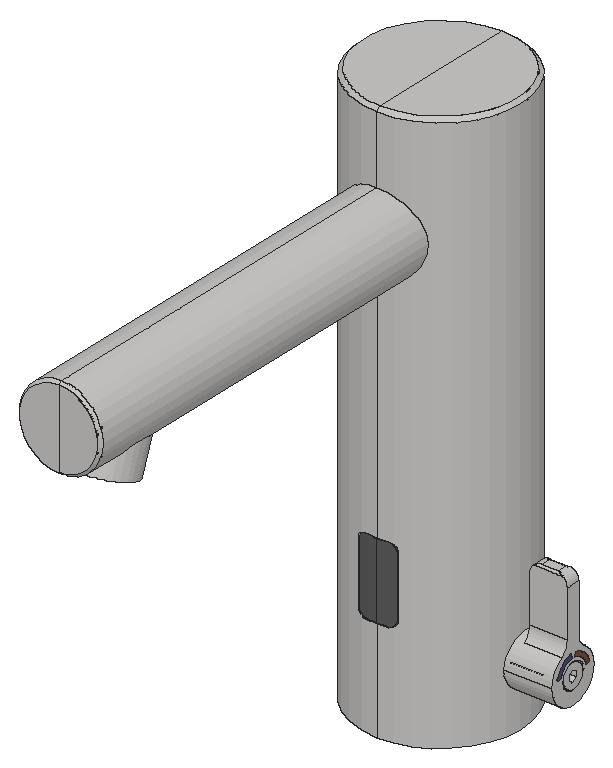
Revit family "PRD_AR_MxrTps_F7EElectronicPillarMixer_F7EM1001_F7EM1002", category Plumbing Fixtures, Revit 2023
Family settings
  Round Connector Dimension = Use Diameter
  Part Type = Normal
  OmniClass Number = 23.45.55.17
  OmniClass Title = Mixing Faucets
  Work Plane-Based = Yes
  Enable Cutting in Views = No
  Always vertical = Yes
  Cut with Voids When Loaded = No
  Maintain Annotation Orientation = No
  Shared = No
  Room Calculation Point = No
Parameters (values of type "F7EM1001")
  WorkingPressure = 0.0 Pa
  WithTransformer = "No"
  WithRosettesOrCoverPlate = "No"
  WithFilter = "Yes"
  WithBackflowPreventer = "Yes"
  WaterConnection = "Hose (gland nut)"
  WarrantyStartDate [instance] = "1900-12-31T23:59:59"
  WarrantyGuarantorParts = "n/a"
  WarrantyGuarantorLabor = "n/a"
  WarrantyDurationUnit = "n/a"
  WarrantyDurationParts = "n/a"
  WarrantyDurationLabor = "n/a"
  WarrantyDescription = "n/a"
  Voltage = 12 V
  Version = "1"
  ValvePattern = "STRAIGHT_3_PORT"
  ValveOperation = "SOLENOID"
  ValveMechanism = "OTHER"
  Uniclass2015Version = "Products v1.36"
  Uniclass2015Title = "Mixer taps"
  Uniclass2015Code = "Pr_40_20_87_55"
  URL = "www.kwc-professional.com"
  TypeOfTap = "Pillar Tap"
  TypeOfSensor = "Opto-electronic sensor"
  TypeOfPowerSupply = "Other"
  TypeOfOperation = "Sensor Operation"
  TypeOfMounting = "Tap Hole"
  TypeOfMixing = "Yes"
  Type IFC Predefined Type = "FAUCET"
  ThermalDisinfection = "No"
  TestPressure = 0.0 Pa
  TemperatureLimit = "Yes"
  TagNumber [instance] = "n/a"
  SustainabilityPerformance = "n/a"
  SurfaceTreatmentFitting = "Brushed"
  SurfaceFinishFitting = "Brushed"
  Status = "New"
  Spout = "Fixed"
  SoundInsulation = "No"
  Size = "15"
  Shape = "Pillar tap"
  SerialNumber [instance] = "n/a"
  Revision = "n/a"
  ReplacementCost = "n/a"
  Reference = "n/a"
  ProtectiveShutdown = "Yes"
  ProductInformation = "http://pim.kwc.com/product/3600001257/attachment/datasheet?locale=en"
  PowerSupplyConnection = "6,75 / 12 V DC / A3000 open"
  PowerFactor [instance] = 1
  PositionOfPowerConnection = "From Bottom"
  PopUpWasteSet = "No"
  Parameterization = "Remote Control"
  NumberOfPoles [instance] = Poles / 1  # 1
  Poles [instance] = 1
  NominalWidth = 0 mm
  NominalHeight = 165 mm
  NominalDepth = 0 mm
  Name = "F7E Electronic pillar mixer F7EM1001"
  NBSTypeID = "n/a"
  NBSReference = "45-35-70/345"
  NBSOfficeMasterTag = "n/a"
  NBSNote = "n/a"
  NBSDescription = "Taps and water supply fittings for sinks"
  NBSCertification = "n/a"
  ModelReference = "F7EM1001"
  ModelNumber = "3600001257"
  Model = ModelReference  # "F7EM1001"
  MinimumFlowPressure = "1 bar"
  MaterialFitting = "Stainless Steel"
  Material = "stainless steel"
  ManufacturerURL = "www.kwc-professional.com"
  ManufacturerName = "KWC Group Management AG"
  Manufacturer = ManufacturerName  # "KWC Group Management AG"
  LockingMechanism = "Top section, non-ceramic"
  InstallationDate [instance] = "1900-12-31T23:59:59"
  InletSize = "G 3/8"
  IfcExportType = "FAUCET"
  IfcExportAs = "IfcValveType"
  HygieneFlushing = "Yes"
  Grade = "n/a"
  FunctionalPrinciple = "electronic self-closing"
  FlowHotWater = 0.0 L/s
  FlowColdWater = 0.0 L/s
  FlowCoefficient = 0
  Finish = "brushed surface"
  Features = "For connection to hot and cold water via hoses with integrated backflow preventers and strainers. Control electronics, solenoid valve and sensor in stainless steel housing, brushed surface, outlet height 115 mm and projection 125 mm."
  FaucetType = "PILLAR"
  FaucetTopDescription = "opto-electronically controlled"
  FaucetOperation = "SELFCLOSING"
  FaucetFunction = "MIXED"
  F7EM1002 = no
  F7EM1001 = yes
  Export Type to IFC As = "IfcValveType"
  ExpectedLife = "n/a"
  DurationUnit = "n/a"
  DiameterNominal = "DN15"
  Description = "F7E-Mix pillar mixer DN 15 for sanitary facilities, opto-electronically controlled. For connection to hot and cold water via hoses with integrated backflow preventers and strainers. Control electronics, solenoid valve and sensor in stainless steel housing, brushed surface, outlet height 115 mm and projection 125 mm. Stainless steel temperature lever with adjustable, turn-proof temperature stop. Angle-adjustable and anti-theft aerator with integrated flow regulator 5.7 l/min. Activated water hygiene flushing 24 hours after last activation, safety switch-off with continuous reflection and saving of statistical data. With option for parameterization and communication via optional bidirectional remote control or C module with the necessary app. Optionally for battery operation with battery compartment including 6 V lithium battery (CR-P2) per fitting, for installation below the washbasin, or for separate power supply via power supply unit 6.75 V/12 V DC or AQUA 3000 open system accessories.\r\n\r\nBattery compartment including battery or power supply unit with extension cable must be ordered separately."
  Depressurised = "No"
  DefaultAutomaticHygieneFlush = "24h after the last activity"
  Default Elevation = 1219.2 mm
  CreateOn = "04/2025"  # constant formula
  Constituents = "n/a"
  CompatibleA3000Open = "Yes"
  Color = "stainless steel-look"
  CodePerformance = "n/a"
  CloseOffRating = 0.0 Pa
  Category = "Pr_40_20_87_55, Mixer taps"
  BodyMaterial = PRD_AR_StainlessSteel_Brushed
  BasicColour = "Stainless steel-look"
  BarCode [instance] = "n/a"
  BIMObjectName = "PRD_AR_MixerTaps_F7EElectronicPillarMixer_F7EM1001"
  Author = "Archispace"
  AssetType = "Fixed"
  AssetIdentifier [instance] = "n/a"
  ApparentLoad [instance] = 0 VA
  AccessibilityPerformance = "n/a"
  AccentColour = "None"
Types (2, lengths in mm): name | ProductInformation | NominalHeight | Name | ModelReference | ModelNumber | Model | Features | F7EM1002 | F7EM1001 | Description | BIMObjectName
  F7EM1001 | "http://pim.kwc.com/product/3600001257/attachment/datasheet?locale=en" | 165 | "F7E Electronic pillar mixer F7EM1001" | "F7EM1001" | "3600001257" | "F7EM1001" | "For connection to hot and cold water via hoses with integrated backflow preventers and strainers. Control electronics, solenoid valve and sensor in stainless steel housing, brushed surface, outlet height 115 mm and projection 125 mm." | no | yes | "F7E-Mix pillar mixer DN 15 for sanitary facilities, opto-electronically controlled. For connection to hot and cold water via hoses with integrated backflow preventers and strainers. Control electronics, solenoid valve and sensor in stainless steel housing, brushed surface, outlet height 115 mm and projection 125 mm. Stainless steel temperature lever with adjustable, turn-proof temperature stop. Angle-adjustable and anti-theft aerator with integrated flow regulator 5.7 l/min. Activated water hygiene flushing 24 hours after last activation, safety switch-off with continuous reflection and saving of statistical data. With option for parameterization and communication via optional bidirectional remote control or C module with the necessary app. Optionally for battery operation with battery compartment including 6 V lithium battery (CR-P2) per fitting, for installation below the washbasin, or for separate power supply via power supply unit 6.75 V/12 V DC or AQUA 3000 open system accessories.\r\n\r\nBattery compartment including battery or power supply unit with extension cable must be ordered separately." | "PRD_AR_MixerTaps_F7EElectronicPillarMixer_F7EM1001"
  F7EM1002 | "http://pim.kwc.com/product/3600001259/attachment/datasheet?locale=en" | 295 | "F7E Electronic pillar mixer F7EM1002" | "F7EM1002" | "3600001259" | "F7EM1002" | "For connection to hot and cold water via hoses with integrated backflow preventers and strainers. Control electronics, solenoid valve and sensor in stainless steel housing, brushed surface, outlet height 245 mm and projection 180 mm." | yes | no | "F7E-Mix pillar mixer DN 15 for sanitary facilities, opto-electronically controlled. For connection to hot and cold water via hoses with integrated backflow preventers and strainers. Control electronics, solenoid valve and sensor in stainless steel housing, brushed surface, outlet height 245 mm and projection 180 mm. Stainless steel temperature lever with adjustable, turn-proof temperature stop. Angle-adjustable and anti-theft aerator with integrated flow regulator 5.7 l/min. Activated water hygiene flushing 24 hours after last activation, safety switch-off with continuous reflection and saving of statistical data. With option for parameterization and communication via optional bidirectional remote control or C module with the necessary app. Optionally for battery operation with battery compartment including 6 V lithium battery (CR-P2) per fitting, for installation below the washbasin, or for separate power supply via power supply unit 6.75 V/12 V DC or AQUA 3000 open system accessories.\n\nBattery compartment including battery or power supply unit with extension cable must be ordered separately." | "PRD_AR_MixerTaps_F7EElectronicPillarMixer_F7EM1002"
Reference planes
  plane 1 "Center (Front/Back)": y = 0
  plane 2: z = 0
  plane 3 "Center (Left/Right)": x = 0
  plane 4: z = 165
  plane 5: z = 115
  plane 6: z = 163.856
  plane 7: z = 131.849
  plane 8: z = 144.349
  plane 9: z = 52.365
  plane 10: z = 17.896
  plane 11: z = 45.045
Forms (mm)
  Extrusion 1, solid, not visible, detail levels coarse
    sketch origin (0, 0, 0) x (1, 0, 0) y (0, 1, 0)
      loop
        circle (-9.078, 0) r 1.829
      loop
        circle (9.078, 0) r 1.829
      loop
        circle (0.224, -14.961) r 1.829
    from 0 to 3.145
Dimensions and locks
  plane 5 to level = 115 mm
  locked: plane 4 to plane 6 at 1.144
  plane 4 to level = 165 mm
  locked: plane 8 to plane 7 at 12.5
  locked: plane 7 to plane 5 at 16.849
  locked: plane 11 to plane 10 at 27.149
  locked: plane 11 to plane 9 at 7.32
  locked: plane 9 to plane 7 at 79.485
  aligned and locked: level to plane 2
  aligned and locked: level to nested 1
Nested families
  nested 1: "PillarMixer" at (0, 0, 0), NumberOfPoles <- "NumberOfPoles", F7EM1001 <- "F7EM1001", F7EM1002 <- "F7EM1002", type "PillarMixer"
    with NumberOfPoles 1, Height Bottom to Water 115 mm, Height 165 mm, F7EM1002 no, F7EM1001 yes, Depth Center to Water 125 mm
Connectors
  piping at (-9.078, 0, 0), diameter 15, driven by "InletSize", driven by "FlowHotWater"
    settings: on Extrusion 1, index 1, connector inside diameter 609.6 mm, connector length 0 mm, flow factor 0, pipe flow 0.0 L/s, pressure drop 0.0 Pa, fitting loss kfactor 0, connector angle 0.00°, fixture units 0, engagement length 0 mm, angle of deflection 0.00°, flow configuration 0, flow direction 1, fitting loss method 0, system type 19, joint type 0, gender type 0, connector reference index -1, connector utility 0, adjustable connector no, is connector primary yes, connector description "G 3/8"
  piping at (9.078, 0, 0), diameter 15, driven by "FlowColdWater", driven by "InletSize"
    settings: on Extrusion 1, index 2, connector inside diameter 609.6 mm, connector length 0 mm, flow factor 0, pipe flow 0.0 L/s, pressure drop 0.0 Pa, fitting loss kfactor 0, connector angle 0.00°, fixture units 0, engagement length 0 mm, angle of deflection 0.00°, flow configuration 0, flow direction 1, fitting loss method 0, system type 20, joint type 0, gender type 0, connector reference index -1, connector utility 0, adjustable connector no, is connector primary no, connector description "G 3/8"
  electrical at (0.224, -14.961, 0), driven by "Voltage", driven by "ApparentLoad", driven by "PowerFactor", driven by "Poles"
    settings: on Extrusion 1, index 3, voltage 12 V, apparent load 0 VA, apparent load phase1 0 VA, apparent load phase2 0 VA, apparent load phase3 0 VA, power factor 1, load classification "Power", number of poles 1, system type 30, power factor state 1, is connector primary yes, connector utility no, sub classification motor no, connector description "Power"
Definition of nested family "PillarMixer"
  Parameters (values of type "F7EM1002")
    URL = ""
    Type IFC Predefined Type = "FAUCET"
    NumberOfPoles [instance] = 1
    Model = ""
    Material = none
    Manufacturer = ""
    Height Bottom to Water [instance] = if(F7EM1001, 115 mm, 245 mm)  # 115 mm
    Height [instance] = if(F7EM1001, 165 mm, 295 mm)  # 165 mm
    F7EM1002 [instance] = yes
    F7EM1001 [instance] = yes
    Export Type to IFC As = "IfcValveType"
    Description = ""
    Depth Center to Water [instance] = if(F7EM1001, 125 mm, 180 mm)  # 125 mm
    Default Elevation = 1219.2 mm
  Types (2, lengths in mm): name | Height Bottom to Water | Height | F7EM1001 | Depth Center to Water
    F7EM1001 | 245 | 295 | no | 180
    F7EM1002 | 115 | 165 | yes | 125
  Reference planes
    plane 1 "Center (Front/Back)": y = 0
    plane 2: z = 0
    plane 3 "Center (Left/Right)": x = 0
    plane 4: z = 165
    plane 5: y = -139.625
    plane 6: z = 115
    plane 7: y = -125
    plane 8: z = 163.856
    plane 9: y = 23.5
    plane 10: z = 131.849
    plane 11: z = 144.349
    plane 12: y = -138.651
    plane 13: z = 52.365
    plane 14: z = 17.896
    plane 15: z = 45.045
  Forms (mm)
    Revolve 1, solid, material <- "Material", detail levels fine
      sketch origin (0, 0, 0) x (0, 1, 0) y (0, 0, 1)
        loop
          line (0, 165) -> (0, 0) -> (23.5, 0) -> (23.5, 163.856) -> (22.356, 165) -> (0, 165)
        axis (0, 165) -> (0, 0)
      angle from 0 to 360
    Revolve 2, solid, material <- "Material", detail levels fine
      sketch origin (0, 0, 0) x (0, 1, 0) y (0, 0, 1)
        loop
          line (-17.915, 131.849) -> (-17.915, 144.088) -> (-138.651, 144.088) -> (-139.625, 143.311) -> (-139.625, 131.849) -> (-17.915, 131.849)
        axis (-17.915, 131.849) -> (-139.625, 131.849)
      angle from 0 to 360
    Sweep 3, solid, material <- "Material", detail levels fine
      path origin (0, 0, 0) x (0, 1, 0) y (0, 0, 1)
        loop
          line (-125, 115) -> (-119.309, 130.636)
      profile origin (0, -122.155, 122.818) x (0, -0.939693, 0.34202) y (1, 0, 0)
        loop
          circle (0, 0) r 10
    Extrusion 4, solid, detail levels fine
      sketch origin (0, 0, 0) x (1, 0, 0) y (0, 0, 1)
        loop
          line (3.137, 52.165) -> (-3.174, 52.165)
          arc (-3.174, 52.165) -> (-4.942, 51.433) -> (-5.674, 49.665) r 2.5
          line (-5.674, 49.665) -> (-5.674, 32.539)
          arc (-5.674, 32.539) -> (-4.942, 30.771) -> (-3.174, 30.039) r 2.5
          line (-3.174, 30.039) -> (3.137, 30.039)
          arc (3.137, 30.039) -> (4.905, 30.771) -> (5.637, 32.539) r 2.5
          line (5.637, 32.539) -> (5.637, 49.665)
          arc (5.637, 49.665) -> (4.905, 51.433) -> (3.137, 52.165) r 2.5
      from 21.605 to 24.568
    Extrusion 5, void
      sketch origin (0, 0, 0) x (1, 0, 0) y (0, 0, 1)
        loop
          line (-5.874, 49.865) -> (-5.874, 32.339)
          arc (-5.874, 32.339) -> (-5.142, 30.571) -> (-3.374, 29.839) r 2.5
          line (-3.374, 29.839) -> (3.337, 29.839)
          arc (3.337, 29.839) -> (5.105, 30.571) -> (5.837, 32.339) r 2.5
          line (5.837, 32.339) -> (5.837, 49.865)
          arc (5.837, 49.865) -> (5.105, 51.632) -> (3.337, 52.365) r 2.5
          line (3.337, 52.365) -> (-3.374, 52.365)
          arc (-3.374, 52.365) -> (-5.142, 51.632) -> (-5.874, 49.865) r 2.5
      from 21.605 to 26.722
    Extrusion 6, void
      sketch origin (0, 0, 0) x (1, 0, 0) y (0, 1, 0)
        loop
          arc (0, -23.5) -> (-6.487, -22.587) -> (-12.469, -19.919) r 23.5
          line (-12.469, -19.919) -> (-12.469, -25.935) -> (13.133, -25.935) -> (13.133, -19.488)
          arc (13.133, -19.488) -> (6.866, -22.475) -> (0, -23.5) r 23.5
      from 22.565 to 272.724
    Extrusion 7, void
      sketch origin (0, 0, 0) x (1, 0, 0) y (0, 0, 1)
        loop
          line (37.1, 23.493) -> (39.476, 23.493) -> (39.476, 46.808) -> (24.476, 46.808) -> (24.476, 23.967) -> (26.1, 23.967) -> (26.1, 42.05)
          arc (26.1, 42.05) -> (26.979, 44.171) -> (29.1, 45.05) r 3
          line (29.1, 45.05) -> (34.1, 45.05)
          arc (34.1, 45.05) -> (36.221, 44.171) -> (37.1, 42.05) r 3
          line (37.1, 42.05) -> (37.1, 23.493)
      from -9.378 to 6.495
    Revolve 8, solid, detail levels medium
      sketch origin (0, 0, 0) x (0, 1, 0) y (0, 0, 1)
        loop
          line (0, 165) -> (0, 0) -> (23.5, 0) -> (23.5, 165) -> (0, 165)
        axis (0, 165) -> (0, 0)
      angle from 0 to 360
    Revolve 9, solid, detail levels medium
      sketch origin (0, 0, 0) x (0, 1, 0) y (0, 0, 1)
        loop
          line (-17.915, 131.849) -> (-17.915, 144.088) -> (-139.625, 144.088) -> (-139.625, 131.849) -> (-17.915, 131.849)
        axis (-17.915, 131.849) -> (-139.625, 131.849)
      angle from 0 to 360
    Sweep 10, solid, detail levels medium
      path origin (0, 0, 0) x (0, 1, 0) y (0, 0, 1)
        loop
          line (-125, 115) -> (-119.309, 130.636)
      profile origin (0, -122.155, 122.818) x (0, -0.939693, 0.34202) y (1, 0, 0)
        loop
          circle (0, 0) r 10
    Extrusion 11, solid, detail levels coarse
      sketch origin (0, 0, 0) x (1, 0, 0) y (0, 1, 0)
        loop
          line (-23.5, 23.5) -> (-23.5, -139.625) -> (37.1, -139.625) -> (37.1, 23.5) -> (-23.5, 23.5)
      from 0 to 165
    Extrusion 12, solid, detail levels coarse
      sketch origin (0, 0, 0) x (1, 0, 0) y (0, 1, 0)
        loop
          circle (-9.078, 0) r 1.829
        loop
          circle (9.078, 0) r 1.829
        loop
          circle (0.224, -14.961) r 1.829
      from 0 to 4.66
    Sweep 13, solid, material <- "Material", detail levels fine
      path origin (4267.2, -5.692, 17.896) x (0, -1, 0) y (1, 0, 0)
        loop
          line (-5.692, -4247.381) -> (-5.692, -4230.1)
      profile origin (28.459, 0, 17.896) x (0, 1, 0) y (0, 0, 1)
        loop
          circle (1.854, 0.081) r 3.85
        loop
          circle (1.854, 0.081) r 3.404
        loop
          line (1.875, 1.836) -> (0.375, 0.97) -> (0.375, -0.762) -> (1.875, -1.628) -> (3.375, -0.762) -> (3.375, 0.97) -> (1.875, 1.836)
        loop
          line (1.373, 4.878) -> (1.248, 6.071)
          arc (1.248, 6.071) -> (-1.977, 4.746) -> (-3.83, 1.793) r 5.71
          arc (-3.83, 1.793) -> (-3.426, 1.086) -> (-2.705, 1.465) r 0.586
          arc (-2.705, 1.465) -> (-1.153, 3.753) -> (1.373, 4.878) r 5.04
        loop
          arc (2.491, 4.878) -> (5.017, 3.753) -> (6.57, 1.465) r 5.04
          arc (6.57, 1.465) -> (7.29, 1.086) -> (7.694, 1.793) r 0.586
          arc (7.694, 1.793) -> (5.841, 4.746) -> (2.616, 6.071) r 5.71
          line (2.616, 6.071) -> (2.491, 4.878)
        loop
          circle (1.886, 0) r 7.578
    Sweep 14, solid, material <- "Material", detail levels fine
      path origin (4267.2, -5.692, 17.896) x (0, -1, 0) y (1, 0, 0)
        loop
          line (-5.692, -4241.1) -> (-5.692, -4230.1)
      profile origin (31.6, 0, 17.896) x (0, 1, 0) y (0, 0, 1)
        loop
          line (3.875, 10.4) -> (3.875, 26.634)
          arc (3.875, 26.634) -> (3.722, 27.002) -> (3.354, 27.154) r 0.521
          line (3.354, 27.154) -> (0.42, 27.154)
          arc (0.42, 27.154) -> (0.035, 26.995) -> (-0.125, 26.609) r 0.545
          line (-0.125, 26.609) -> (-0.125, 10.4)
          arc (-0.125, 10.4) -> (-0.591, 8.285) -> (-1.904, 6.562) r 5.03
          line (-1.904, 6.562) -> (5.676, 6.562)
          arc (5.676, 6.562) -> (4.348, 8.281) -> (3.875, 10.4) r 4.99
    Sweep 15, solid, detail levels fine
      path origin (4267.2, -5.692, 17.896) x (0, -1, 0) y (1, 0, 0)
        loop
          line (-5.692, -4243.7) -> (-5.692, -4230.1)
      profile origin (30.3, 0, 17.896) x (0, 1, 0) y (0, 0, 1)
        loop
          spline (-2.705, 1.466) -> (-2.539, 1.902) -> (-2.333, 2.321) -> (-2.09, 2.719) -> (-1.81, 3.093) -> (-1.497, 3.439) -> (-1.154, 3.755) -> (-0.782, 4.037) -> (-0.386, 4.284) -> (0.031, 4.494) -> (0.466, 4.663) -> (0.914, 4.792) -> (1.373, 4.879)
          line (1.373, 4.879) -> (1.248, 6.074)
          spline (1.248, 6.074) -> (0.658, 5.992) -> (0.08, 5.849) -> (-0.481, 5.648) -> (-1.018, 5.389) -> (-1.525, 5.077) -> (-1.998, 4.715) -> (-2.43, 4.306) -> (-2.817, 3.855) -> (-3.156, 3.367) -> (-3.441, 2.847) -> (-3.671, 2.301) -> (-3.842, 1.734)
          spline (-3.842, 1.734) -> (-3.844, 1.589) -> (-3.811, 1.447) -> (-3.744, 1.318) -> (-3.649, 1.209) -> (-3.529, 1.127) -> (-3.394, 1.077) -> (-3.251, 1.061) -> (-3.108, 1.082) -> (-2.975, 1.136) -> (-2.858, 1.223) -> (-2.767, 1.335) -> (-2.705, 1.466)
    Sweep 16, solid, detail levels fine
      path origin (4267.2, -5.692, 17.896) x (0, -1, 0) y (1, 0, 0)
        loop
          line (-5.692, -4243.7) -> (-5.692, -4230.1)
      profile origin (30.3, 0, 17.896) x (0, 1, 0) y (0, 0, 1)
        loop
          arc (2.491, 4.878) -> (5.017, 3.753) -> (6.57, 1.465) r 5.04
          arc (6.57, 1.465) -> (7.29, 1.086) -> (7.694, 1.793) r 0.586
          arc (7.694, 1.793) -> (5.841, 4.746) -> (2.616, 6.071) r 5.71
          line (2.616, 6.071) -> (2.491, 4.878)
  Cuts and joins
    Extrusion 6 cuts Extrusion 4
    joined: Revolve 8, Revolve 9, Sweep 10
    Extrusion 5 cuts Revolve 1
    Extrusion 7 cuts Sweep 14
    joined: Revolve 1, Revolve 2, Sweep 3, Sweep 13, Sweep 14
  Dimensions and locks
    "Height Bottom to Water": plane 6 to level
    "Depth Center to Water": plane 1 "Center (Front/Back)" to plane 7
    locked: plane 4 to plane 8 at 1.144
    locked: plane 9 to plane 1 "Center (Front/Back)" at 23.5
    locked: plane 9 to Revolve 1 sketch curve at 1.144
    "Height": plane 4 to level
    locked: plane 11 to plane 10 at 12.5
    locked: plane 12 to plane 5 at 0.974
    locked: plane 11 to Revolve 2 sketch curve at 1.038
    locked: plane 7 to plane 5 at 14.625
    locked: plane 10 to plane 6 at 16.849
    locked: Extrusion 7 sketch curve to plane 15 at 1.763
    locked: plane 15 to Extrusion 7 sketch curve at 21.078
    locked: plane 15 to Extrusion 7 sketch curve at 21.552
    locked: plane 15 to plane 14 at 27.149
    locked: plane 15 to plane 13 at 7.32
    locked: plane 13 to plane 10 at 79.485
    aligned and locked: level to plane 2
    aligned and locked: Revolve 1 sketch curve to plane 9
    aligned and locked: Revolve 1 sketch curve to plane 4
    aligned and locked: plane 8 to Revolve 1 sketch curve
    aligned and locked: Revolve 1 sketch curve to plane 1 "Center (Front/Back)"
    aligned and locked: plane 12 to Revolve 2 sketch curve
    aligned and locked: Revolve 2 sketch curve to plane 5
    aligned and locked: Revolve 2 sketch curve to plane 10
    aligned and locked: Revolve 2 sketch curve to Revolve 2 sketch curve
    aligned and locked: plane 6 to Sweep 3 sketch curve
    aligned and locked: plane 7 to Sweep 3 sketch curve
    aligned and locked: Revolve 9 sketch curve to Revolve 9 sketch curve
    aligned and locked: Extrusion 11 sketch curve to plane 5
    aligned and locked: Extrusion 11 sketch curve to plane 9
    aligned and locked: plane 4 to Extrusion 11
    aligned and locked: cut or joined group of Revolve 1, Revolve 2, Sweep 3, Extrusion 5, Extrusion 7, Sweep 13, Sweep 14 to plane 13
  Automatic sketch dimensions
    Revolve 1 sketch curve to plane 1 "Center (Front/Back)" = 0 mm
    Revolve 1 sketch curve to level = 0 mm
    plane 8 to Revolve 1 sketch curve = 8.071 mm
    plane 4 to Revolve 1 sketch curve = 5.785 mm
    Revolve 2 sketch curve to plane 11 = 0.262 mm
    plane 1 "Center (Front/Back)" to Revolve 2 sketch curve = 17.915 mm
    Revolve 2 sketch curve to plane 5 = 11.07 mm
    Revolve 2 sketch curve to plane 7 = 49.305 mm
    Sweep 3 sketch curve to plane 10 = 1.214 mm
    Sweep 3 sketch curve to plane 7 = 5.691 mm
    Sweep 3 sketch curve to plane 3 "Center (Left/Right)" = 0 mm
    Sweep 3 sketch curve to profile plane = 0 mm
    Extrusion 6 sketch curve to Extrusion 6 sketch curve = 0 mm  (x2)
    Extrusion 6 sketch curve to plane 3 "Center (Left/Right)" = 0 mm
    plane 1 "Center (Front/Back)" to Extrusion 6 sketch curve = 0 mm
    Extrusion 6 sketch curve to plane 3 "Center (Left/Right)" = 12.469 mm
    plane 3 "Center (Left/Right)" to Extrusion 6 sketch curve = 13.133 mm
    plane 1 "Center (Front/Back)" to Extrusion 6 sketch curve = 19.488 mm
    Extrusion 6 sketch curve to Extrusion 6 sketch curve = 6.447 mm
    plane 3 "Center (Left/Right)" to Extrusion 7 sketch curve = 24.476 mm
    Extrusion 7 sketch curve to Extrusion 7 sketch curve = 1.624 mm
    Extrusion 7 sketch curve to Extrusion 7 sketch curve = 3 mm
    Extrusion 7 sketch curve to Extrusion 7 sketch curve = 5 mm
    Extrusion 7 sketch curve to Extrusion 7 sketch curve = 11 mm
    Extrusion 7 sketch curve to Extrusion 7 sketch curve = 2.376 mm
    Extrusion 7 sketch curve to Extrusion 7 sketch curve = 1.758 mm
    Revolve 8 sketch curve to plane 1 "Center (Front/Back)" = 0 mm  (x2)
    Revolve 8 sketch curve to level = 0 mm
    Revolve 8 sketch curve to plane 9 = 0 mm
    plane 8 to Revolve 8 sketch curve = 8.071 mm
    plane 4 to Revolve 8 sketch curve = 5.785 mm
    Revolve 9 sketch curve to plane 10 = 0 mm
    Revolve 9 sketch curve to plane 11 = 0.262 mm
    plane 1 "Center (Front/Back)" to Revolve 9 sketch curve = 17.915 mm
    Revolve 9 sketch curve to plane 5 = 11.07 mm
    Revolve 9 sketch curve to plane 7 = 49.305 mm
    Sweep 10 sketch curve to plane 6 = 0 mm
    Sweep 10 sketch curve to plane 7 = 0 mm
    Sweep 10 sketch curve to plane 10 = 1.214 mm
    Sweep 10 sketch curve to plane 7 = 5.691 mm
    Sweep 10 sketch curve to plane 3 "Center (Left/Right)" = 0 mm
    Sweep 10 sketch curve to profile plane = 0 mm
    Revolve 8 sketch curve to plane 4 = 0 mm
    plane 12 to Revolve 9 sketch curve = 0.974 mm
    Extrusion 11 sketch curve to plane 3 "Center (Left/Right)" = 23.5 mm
    plane 3 "Center (Left/Right)" to Extrusion 11 sketch curve = 37.1 mm
    plane 1 "Center (Front/Back)" to Extrusion 12 sketch curve = 0 mm  (x2)
    Extrusion 12 sketch curve to plane 3 "Center (Left/Right)" = 9.078 mm
    plane 3 "Center (Left/Right)" to Extrusion 12 sketch curve = 0.224 mm
    plane 3 "Center (Left/Right)" to Extrusion 12 sketch curve = 9.078 mm
    plane 1 "Center (Front/Back)" to Extrusion 12 sketch curve = 14.961 mm
    Sweep 13 sketch curve to Sweep 13 sketch curve = 0 mm  (x5)
    Sweep 13 sketch curve to plane 14 = 0 mm
    profile plane to Sweep 13 sketch curve = 3.262 mm
    Sweep 13 sketch curve to profile plane = 0.375 mm
    Sweep 13 sketch curve to profile plane = 1.248 mm
    Sweep 13 sketch curve to Sweep 13 sketch curve = 0.125 mm  (x2)
    plane 14 to Sweep 13 sketch curve = 0.379 mm  (x2)
    Sweep 13 sketch curve to Sweep 13 sketch curve = 1.328 mm
    Sweep 13 sketch curve to plane 14 = 0.112 mm  (x2)
    Sweep 13 sketch curve to Sweep 13 sketch curve = 0.08 mm
    plane 14 to Sweep 13 sketch curve = 0.081 mm
    Sweep 13 sketch curve to Sweep 13 sketch curve = 0.071 mm
    Sweep 13 sketch curve to Sweep 13 sketch curve = 0.092 mm
    Sweep 13 sketch curve to Sweep 13 sketch curve = 0.172 mm
    Sweep 13 sketch curve to Sweep 13 sketch curve = 0.032 mm
    Sweep 13 sketch curve to Sweep 13 sketch curve = 0.196 mm
    Sweep 13 sketch curve to Sweep 13 sketch curve = 0.307 mm
    Sweep 13 sketch curve to Sweep 13 sketch curve = 1.118 mm
    Sweep 13 sketch curve to plane 14 = 0.762 mm  (x2)
    Sweep 13 sketch curve to Sweep 13 sketch curve = 1.293 mm
    plane 14 to Sweep 13 sketch curve = 1.648 mm  (x2)
    Sweep 13 sketch curve to Sweep 13 sketch curve = 3.751 mm
    Sweep 13 sketch curve to Sweep 13 sketch curve = 1.516 mm
    plane 14 to Sweep 13 sketch curve = 0.97 mm  (x2)
    Sweep 13 sketch curve to Sweep 13 sketch curve = 1.457 mm
    Sweep 13 sketch curve to Sweep 13 sketch curve = 3.042 mm
    Sweep 13 sketch curve to Sweep 13 sketch curve = 1.193 mm  (x2)
    plane 1 "Center (Front/Back)" to Sweep 14 sketch curve = 0 mm
    plane 3 "Center (Left/Right)" to Sweep 14 sketch curve = 26.1 mm
    Sweep 14 sketch curve to Sweep 14 sketch curve = 11 mm
    profile plane to Sweep 14 sketch curve = 5.155 mm
    profile plane to Sweep 14 sketch curve = 1.904 mm
    profile plane to Sweep 14 sketch curve = 0.125 mm
    Sweep 14 sketch curve to profile plane = 0.42 mm
    Sweep 14 sketch curve to Sweep 14 sketch curve = 2.934 mm
    Sweep 14 sketch curve to profile plane = 3.875 mm
    Sweep 14 sketch curve to Sweep 14 sketch curve = 1.801 mm
    Sweep 14 sketch curve to Sweep 14 sketch curve = 4.99 mm
    plane 14 to Sweep 14 sketch curve = 6.562 mm
    Sweep 14 sketch curve to Sweep 14 sketch curve = 16.209 mm
    plane 1 "Center (Front/Back)" to Sweep 15 sketch curve = 0 mm
    plane 3 "Center (Left/Right)" to Sweep 15 sketch curve = 23.5 mm
    Sweep 15 sketch curve to Sweep 15 sketch curve = 13.6 mm
    Sweep 15 sketch curve to profile plane = 1.248 mm
    Sweep 15 sketch curve to Sweep 15 sketch curve = 0.126 mm
    plane 14 to Sweep 15 sketch curve = 4.879 mm
    Sweep 15 sketch curve to Sweep 15 sketch curve = 1.195 mm
    profile plane to Sweep 15 sketch curve = 2.705 mm
    Sweep 15 sketch curve to plane 14 = 0.753 mm
    Sweep 15 sketch curve to Sweep 15 sketch curve = 0.208 mm
    Sweep 15 sketch curve to Sweep 15 sketch curve = 0.556 mm
    Sweep 15 sketch curve to Sweep 15 sketch curve = 0.021 mm
    Sweep 15 sketch curve to Sweep 15 sketch curve = 0.581 mm
    plane 14 to Sweep 15 sketch curve = 0.441 mm
    Sweep 15 sketch curve to profile plane = 1.695 mm
    Sweep 15 sketch curve to plane 14 = 0.099 mm
    plane 14 to Sweep 15 sketch curve = 2.809 mm
    plane 1 "Center (Front/Back)" to Sweep 16 sketch curve = 0 mm
    plane 3 "Center (Left/Right)" to Sweep 16 sketch curve = 23.5 mm
    Sweep 16 sketch curve to Sweep 16 sketch curve = 13.6 mm
    plane 14 to Sweep 16 sketch curve = 0.379 mm
    Sweep 16 sketch curve to profile plane = 2.161 mm
    Sweep 16 sketch curve to profile plane = 2.616 mm
    Sweep 16 sketch curve to Sweep 16 sketch curve = 5.692 mm
    Sweep 16 sketch curve to Sweep 16 sketch curve = 0.125 mm
    plane 14 to Sweep 16 sketch curve = 1.793 mm
    Sweep 16 sketch curve to Sweep 16 sketch curve = 1.193 mm
    Sweep 16 sketch curve to plane 14 = 0.112 mm
    Sweep 16 sketch curve to Sweep 16 sketch curve = 0.379 mm
    Sweep 16 sketch curve to Sweep 16 sketch curve = 1.124 mm
    Sweep 16 sketch curve to Sweep 16 sketch curve = 0 mm
    plane 1 "Center (Front/Back)" to Sweep 13 sketch curve = 0 mm
    plane 3 "Center (Left/Right)" to Sweep 13 sketch curve = 19.819 mm
    Sweep 13 sketch curve to Sweep 13 sketch curve = 17.281 mm
    plane 13 to Extrusion 4 sketch curve = 2.7 mm
    Extrusion 4 sketch curve to plane 3 "Center (Left/Right)" = 5.674 mm
    plane 13 to Extrusion 4 sketch curve = 0.2 mm
    Extrusion 4 sketch curve to plane 3 "Center (Left/Right)" = 3.174 mm
    plane 3 "Center (Left/Right)" to Extrusion 4 sketch curve = 3.137 mm  (x2)
    Extrusion 4 sketch curve to Extrusion 4 sketch curve = 2.5 mm
    Extrusion 4 sketch curve to plane 15 = 12.506 mm
    Extrusion 5 sketch curve to plane 13 = 0 mm
    Extrusion 5 sketch curve to plane 3 "Center (Left/Right)" = 5.874 mm
    Extrusion 5 sketch curve to Extrusion 5 sketch curve = 2.5 mm  (x2)
    plane 13 to Extrusion 5 sketch curve = 2.5 mm
    plane 3 "Center (Left/Right)" to Extrusion 5 sketch curve = 3.337 mm  (x2)
    Extrusion 5 sketch curve to plane 15 = 12.706 mm
    radius of Sweep 3 sketch curve = 10 mm
    radius of Sweep 10 sketch curve = 10 mm
    radius of Extrusion 12 sketch curve = 1.829 mm  (x3)
    radius of Sweep 13 sketch curve = 3.85 mm
    radius of Sweep 13 sketch curve = 3.404 mm
    radius of Sweep 13 sketch curve = 7.578 mm
